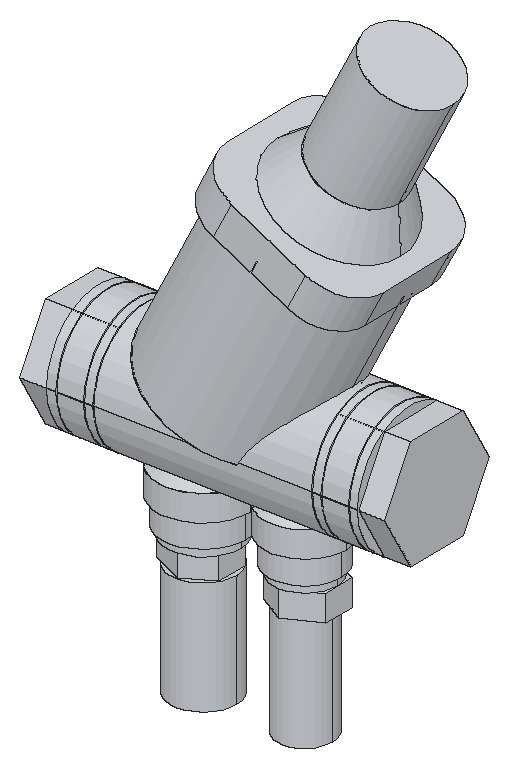
Revit family "Sigma_Compact_DN020_LF_RFA_2019", category Pipe Accessories, Revit 2019
Family settings
  Round Connector Dimension = Use Diameter
  Part Type = Valve - Breaks Into
  Work Plane-Based = No
  Always vertical = Yes
  Cut with Voids When Loaded = No
  Shared = No
Parameters (values of type "Sigma Compact DN 20 LF s měřením")
  magiProductId = "530dd69e715c4b5ea08f3ea7c41338"
  magiProductFamilyId = "899bca4e67ce4698b7af5040674aaa"
  magiPartTypeId = 304
  isMeasuringValve [instance] = no
  ang2D [instance] = 0.00°
  Z6 = 26.1 mm
  Z5 = 60.9 mm
  Z4 = 52.2 mm
  Z3 = 8.7 mm
  Z2 = 43.5 mm
  XR2 = 25 mm
  XR1 = 13 mm
  W2D = 15 mm
  VersionID = "2.0/2018.12.13.2/FRESE_SIGMA_PLUG_Q13_001"
  Use Minimum Symbol Size [instance] = no
  URL = "www.hydronic.cz"
  Type Comments = "závitový; vnitřní závit; PN25; max dp=400kPa; -10~+120°C; max uzavírací tlak 1MPa"
  R4 = 15 mm
  R3 = 10 mm
  R2 = 14 mm
  R1 = 19 mm
  QmdConnectorList = "301;D;302;D"
  Productdata [instance] = ""
  NL__ve = -NL  # -15.8 mm
  NL = 15.8 mm
  Manufacturer = "Hydronic Systems Prague s.r.o."
  MC Use Limits From Balancing Method = no
  MC Throttling Minimum Value = 0
  MC Throttling Maximum Value = 0
  MC Product Code = "53-2202 DN20 FF s měřením; (86-1550 l/h); kvs=4,0"
  MC Pressure Drop Minimum Value = 0.0 Pa
  MC Pressure Drop Maximum Value = 0.0 Pa
  MC Piping Given Pressure Drop [instance] = 0.0 Pa
  M5 = 33.7 mm
  M4 = 31.7 mm
  M3 = 25.7 mm
  M2 = 23.7 mm
  LP = 39.5 mm
  LM = 47.4 mm
  LL__ve = -LL  # -5.7 mm
  LLT__ve = -LLT  # -14.9 mm
  LLT = 14.9 mm
  LLL = 11 mm
  LL3 = 41 mm
  LL2 = 32 mm
  LL = 5.7 mm
  L3 = 11 mm
  L2D_Min = 30.48 mm
  L2D = 65 mm
  Description = "Automatický vyvažovací ventil"
  DR1 = no
  DR0 = yes
  DL2 = 66 mm
  D = 20 mm
  CenSd_R2_6 = R2 * cos(30.00°)  # 12.124 mm
  CAT0 = yes
  C0D1 = no
  C0D0 = yes
Types (3, lengths in mm): name | magiProductId | Z6 | Z5 | Z4 | Z3 | Z2 | R2 | NL__ve | NL | MC Product Code | M5 | M4 | M3 | M2 | LP | LM | LL__ve | LLT__ve | LLT | LLL | LL2 | LL | D | CenSd_R2_6
  Sigma Compact DN 15 LF s měřením | "4a904ca02dcd4d4b8bc93e9b7121ab" | 26.1 | 60.9 | 52.2 | 8.7 | 43.5 | 14 | -15 | 15 | "53-2200 DN15 FF s měřením; (40-900 l/h); kvs=2,6" | 32.5 | 30.5 | 24.5 | 22.5 | 37.5 | 45 | -5.7 | -14.9 | 14.9 | 11 | 32 | 5.7 | 15 | 12.124
  Sigma Compact DN 20 LF s měřením | "530dd69e715c4b5ea08f3ea7c41338" | 26.1 | 60.9 | 52.2 | 8.7 | 43.5 | 14 | -15.8 | 15.8 | "53-2202 DN20 FF s měřením; (86-1550 l/h); kvs=4,0" | 33.7 | 31.7 | 25.7 | 23.7 | 39.5 | 47.4 | -5.7 | -14.9 | 14.9 | 11 | 32 | 5.7 | 20 | 12.124
  Sigma Compact DN 25 LF s měřením | "bcbd50229c6f49259ed1f55c66b3ed" | 27 | 63 | 54 | 9 | 45 | 18 | -16.6 | 16.6 | "53-2208 DN25 FF s měřením; (95-2000 l/h); kvs=3,9" | 34.9 | 32.9 | 26.9 | 24.9 | 41.5 | 49.8 | -5.9 | -16.3 | 16.3 | 9 | 34 | 5.9 | 25 | 15.588
Reference planes
  plane 1 "Center (Front/Back)": y = 0
  plane 2 "XYPLANE": z = 0
  plane 3 "Center (Left/Right)": x = 0
  plane 4 "408": x = 39.5
  plane 5 "407": x = -39.5
  plane 6 "404": z = -35.3
  plane 7 "403": z = -41
  plane 8 "402": z = -66
  plane 9 "213": x = -11
  plane 10 "168": z = -10.9
  plane 11 "167": z = -12.9
  plane 12 "166": z = -18.6
  plane 13 "165": z = -24.3
  plane 14 "164": z = -26.3
  plane 15 "154": z = 0
  plane 16 "152": y = 0
  plane 17 "151": z = -32
  plane 18 "150": x = 11
  plane 19 "75": through (318.218, 0, 679.605) normal (0.891, 0, -0.454)
  plane 20 "74": x = 33.7
  plane 21 "73": x = 31.7
  plane 22 "72": x = 25.7
  plane 23 "71": x = 23.7
  plane 24 "70": x = -33.7
  plane 25 "69": x = -31.7
  plane 26 "68": x = -25.7
  plane 27 "67": y = 0
  plane 28 "66": through (-666.893, 0, 343.166) normal (0.454, 0, 0.891)
  plane 29 "65": x = -23.7
  plane 30 "64": through (335.147, 0, 670.979) normal (0.891, 0, -0.454)
  plane 31 "63": through (-648.506, 0, 379.252) normal (0.454, 0, 0.891)
  plane 32 "62": through (352.076, 0, 662.353) normal (0.891, 0, -0.454)
  plane 33 "61": y = 19
  plane 34 "60": y = -19
  plane 35 "59": through (-644.557, 0, 387.003) normal (0.454, 0, 0.891)
  plane 36 "58": through (-640.607, 0, 394.755) normal (0.454, 0, 0.891)
  plane 37 "56": x = 0
  plane 38 "55": through (-668.255, 0, 340.493) normal (0.454, 0, 0.891)
  plane 39 "102XY": through (-668.255, 0, 340.493) normal (0.454, 0, 0.891)
  plane 40 "102XZ": y = 0
  plane 41 "102YZ": through (340.493, 0, 668.255) normal (0.891, 0, -0.454)
Forms (mm)
  Extrusion 1, solid
    sketch origin (39.5, -750, 0) x (0, 1, 0) y (0, 0, 1)
      loop
        line (764, 0) -> (757, 12.124) -> (743, 12.124) -> (736, 0) -> (743, -12.124) -> (757, -12.124) -> (764, 0)
    from 0 to -15.8 <- "NL__ve"
  Extrusion 2, solid
    sketch origin (-39.5, -750, 0) x (0, 1, 0) y (0, 0, 1)
      loop
        line (736, 0) -> (743, -12.124) -> (757, -12.124) -> (764, 0) -> (757, 12.124) -> (743, 12.124) -> (736, 0)
    from 0 to 15.8 <- "NL"
  Extrusion 3, solid, visible <- "C0D1"
    sketch origin (-750, 0, -66) x (1, 0, 0) y (0, 1, 0)
      loop
        circle (739, 0) r 8.2
    from 0 to 50
  Extrusion 4, solid, visible <- "DR1"
    sketch origin (-750, 0, -35.3) x (1, 0, 0) y (0, 1, 0)
      loop
        line (739, -8) -> (745.928, -4) -> (745.928, 4) -> (739, 8) -> (730.872, 4) -> (730.872, -4) -> (739, -8)
    from 0 to -5.7 <- "LL__ve"
  Extrusion 5, solid, visible <- "DR1"
    sketch origin (-750, 0, -35.3) x (1, 0, 0) y (0, 1, 0)
      loop
        circle (739, 0) r 9.2
    from 0 to 11 <- "LLL"
  Extrusion 6, solid, visible <- "DR1"
    sketch origin (-750, 0, -24.3) x (1, 0, 0) y (0, 1, 0)
      loop
        circle (739, 0) r 10.2
    from 0 to 5.7 <- "LL"
  Extrusion 7, solid, visible <- "DR1"
    sketch origin (-750, 0, -18.6) x (1, 0, 0) y (0, 1, 0)
      loop
        circle (739, 0) r 11.2
    from 0 to 5.7 <- "LL"
  Blend 8, solid, visible <- "DR1"
    base sketch origin (-750, 0, -10.9) x (1, 0, 0) y (0, 1, 0)
      loop
        circle (739, 0) r 8.7
    top sketch origin (-750, 0, -10.9) x (1, 0, 0) y (0, 1, 0)
      loop
        circle (739, 0) r 11.2
    from 0 to -2
  Extrusion 9, solid, visible <- "DR1"
    sketch origin (-750, 0, 0) x (1, 0, 0) y (0, 1, 0)
      loop
        circle (739, 0) r 8.7
    from 0 to -14.9 <- "LLT__ve"
  Extrusion 10, solid, visible <- "C0D0"
    sketch origin (-750, 0, -32) x (1, 0, 0) y (0, 1, 0)
      loop
        circle (739, 0) r 7.2
    from 0 to -25
  Extrusion 11, solid, visible <- "DR0"
    sketch origin (-750, 0, -26.3) x (1, 0, 0) y (0, 1, 0)
      loop
        line (739, -7) -> (745.062, -3.5) -> (745.062, 3.5) -> (739, 7) -> (731.738, 3.5) -> (731.738, -3.5) -> (739, -7)
    from 0 to -5.7 <- "LL__ve"
  Extrusion 12, solid, visible <- "DR0"
    sketch origin (-750, 0, -26.3) x (1, 0, 0) y (0, 1, 0)
      loop
        circle (739, 0) r 8.2
    from 0 to 2
  Extrusion 13, solid, visible <- "DR0"
    sketch origin (-750, 0, -18.6) x (1, 0, 0) y (0, 1, 0)
      loop
        circle (739, 0) r 10.2
    from 0 to 5.7 <- "LL"
  Blend 14, solid, visible <- "DR0"
    base sketch origin (-750, 0, -10.9) x (1, 0, 0) y (0, 1, 0)
      loop
        circle (739, 0) r 7.7
    top sketch origin (-750, 0, -10.9) x (1, 0, 0) y (0, 1, 0)
      loop
        circle (739, 0) r 10.2
    from 0 to -2
  Extrusion 15, solid, visible <- "DR0"
    sketch origin (-750, 0, 0) x (1, 0, 0) y (0, 1, 0)
      loop
        circle (739, 0) r 7.7
    from 0 to -14.9 <- "LLT__ve"
  Extrusion 16, solid, visible <- "DR0"
    sketch origin (-750, 0, 0) x (1, 0, 0) y (0, 1, 0)
      loop
        circle (739, 0) r 7.7
    from 0 to -14.9 <- "LLT__ve"
  Blend 17, solid, visible <- "DR0"
    base sketch origin (-750, 0, -10.9) x (1, 0, 0) y (0, 1, 0)
      loop
        circle (739, 0) r 7.7
    top sketch origin (-750, 0, -10.9) x (1, 0, 0) y (0, 1, 0)
      loop
        circle (739, 0) r 10.2
    from 0 to -2
  Extrusion 18, solid, visible <- "DR0"
    sketch origin (-750, 0, -18.6) x (1, 0, 0) y (0, 1, 0)
      loop
        circle (739, 0) r 10.2
    from 0 to 5.7 <- "LL"
  Extrusion 19, solid, visible <- "DR0"
    sketch origin (-750, 0, -24.3) x (1, 0, 0) y (0, 1, 0)
      loop
        circle (739, 0) r 9.2
    from 0 to 5.7 <- "LL"
  Extrusion 20, solid, visible <- "DR0"
    sketch origin (-750, 0, -26.3) x (1, 0, 0) y (0, 1, 0)
      loop
        circle (739, 0) r 8.2
    from 0 to 2
  Extrusion 21, solid, visible <- "DR0"
    sketch origin (-750, 0, -26.3) x (1, 0, 0) y (0, 1, 0)
      loop
        line (739, -7) -> (745.062, -3.5) -> (745.062, 3.5) -> (739, 7) -> (731.738, 3.5) -> (731.738, -3.5) -> (739, -7)
    from 0 to -5.7 <- "LL__ve"
  Extrusion 22, solid, visible <- "C0D0"
    sketch origin (-750, 0, -32) x (1, 0, 0) y (0, 1, 0)
      loop
        circle (739, 0) r 7.2
    from 0 to -25
  Extrusion 23, solid, visible <- "CAT0"
    sketch origin (-750, 0, -32) x (1, 0, 0) y (0, 1, 0)
      loop
        circle (761, 0) r 6
    from 0 to -25
  Extrusion 24, solid
    sketch origin (-750, 0, -26.3) x (1, 0, 0) y (0, 1, 0)
      loop
        line (761, -7) -> (768.262, -3.5) -> (768.262, 3.5) -> (761, 7) -> (754.938, 3.5) -> (754.938, -3.5) -> (761, -7)
    from 0 to -5.7 <- "LL__ve"
  Extrusion 25, solid
    sketch origin (-750, 0, -26.3) x (1, 0, 0) y (0, 1, 0)
      loop
        circle (761, 0) r 7
    from 0 to 2
  Extrusion 26, solid
    sketch origin (-750, 0, -24.3) x (1, 0, 0) y (0, 1, 0)
      loop
        circle (761, 0) r 8
    from 0 to 5.7 <- "LL"
  Extrusion 27, solid
    sketch origin (-750, 0, -18.6) x (1, 0, 0) y (0, 1, 0)
      loop
        circle (761, 0) r 9
    from 0 to 5.7 <- "LL"
  Blend 28, solid
    base sketch origin (-750, 0, -10.9) x (1, 0, 0) y (0, 1, 0)
      loop
        circle (761, 0) r 6.5
    top sketch origin (-750, 0, -10.9) x (1, 0, 0) y (0, 1, 0)
      loop
        circle (761, 0) r 9
    from 0 to -2
  Extrusion 29, solid
    sketch origin (-750, 0, 0) x (1, 0, 0) y (0, 1, 0)
      loop
        circle (761, 0) r 6.5
    from 0 to -14.9 <- "LLT__ve"
  Blend 30, solid, visible <- "CAT0"
    base sketch origin (31.7, -750, 0) x (0, 1, 0) y (0, 0, 1)
      loop
        circle (750, 0) r 14
    top sketch origin (31.7, -750, 0) x (0, 1, 0) y (0, 0, 1)
      loop
        circle (750, 0) r 14
    from 0 to 2
  Extrusion 31, solid, visible <- "CAT0"
    sketch origin (25.7, -750, 0) x (0, 1, 0) y (0, 0, 1)
      loop
        circle (750, 0) r 14
    from 0 to 6
  Blend 32, solid, visible <- "CAT0"
    base sketch origin (23.7, -750, 0) x (0, 1, 0) y (0, 0, 1)
      loop
        circle (750, 0) r 14
    top sketch origin (23.7, -750, 0) x (0, 1, 0) y (0, 0, 1)
      loop
        circle (750, 0) r 14
    from 0 to 2
  Blend 33, solid, visible <- "CAT0"
    base sketch origin (-31.7, -750, 0) x (0, 1, 0) y (0, 0, 1)
      loop
        circle (750, 0) r 14
    top sketch origin (-31.7, -750, 0) x (0, 1, 0) y (0, 0, 1)
      loop
        circle (750, 0) r 14
    from 0 to -2
  Extrusion 34, solid, visible <- "CAT0"
    sketch origin (-31.7, -750, 0) x (0, 1, 0) y (0, 0, 1)
      loop
        circle (750, 0) r 14
    from 0 to 6
  Blend 35, solid, visible <- "CAT0"
    base sketch origin (-25.7, -750, 0) x (0, 1, 0) y (0, 0, 1)
      loop
        circle (750, 0) r 14
    top sketch origin (-25.7, -750, 0) x (0, 1, 0) y (0, 0, 1)
      loop
        circle (750, 0) r 14
    from 0 to 2
  Extrusion 36, solid, visible <- "CAT0"
    sketch origin (-23.7, -750, 0) x (0, 1, 0) y (0, 0, 1)
      loop
        circle (750, 0) r 14
    from 0 to 47.4 <- "LM"
  Extrusion 37, solid, visible <- "CAT0"
    sketch origin (-666.893, 0, 343.166) x (0.891007, 0, -0.45399) y (0, 1, 0)
      loop
        circle (744, 0) r 19
    from 0 to 43.5 <- "Z2"
  Extrusion 38, solid, visible <- "CAT0"
    sketch origin (-648.506, 0, 379.252) x (0.891007, 0, -0.45399) y (0, 1, 0)
      loop
        arc (735, 19) -> (727.929, 16.071) -> (725, 9) r 10
        line (725, 9) -> (725, -9)
        arc (725, -9) -> (727.929, -16.071) -> (735, -19) r 10
        line (735, -19) -> (753, -19)
        arc (753, -19) -> (760.071, -16.071) -> (763, -9) r 10
        line (763, -9) -> (763, 9)
        arc (763, 9) -> (760.071, 16.071) -> (753, 19) r 10
        line (753, 19) -> (735, 19)
    from 0 to 8.7 <- "Z3"
  Blend 39, solid, visible <- "CAT0"
    base sketch origin (-644.557, 0, 387.003) x (0.891007, 0, -0.45399) y (0, 1, 0)
      loop
        circle (744, 0) r 15
    top sketch origin (-644.557, 0, 387.003) x (0.891007, 0, -0.45399) y (0, 1, 0)
      loop
        circle (744, 0) r 10
    from 0 to 8.7
  Extrusion 40, solid, visible <- "CAT0"
    sketch origin (-640.607, 0, 394.755) x (0.891007, 0, -0.45399) y (0, 1, 0)
      loop
        circle (744, 0) r 10
    from 0 to 26.1 <- "Z6"
  Blend 41, solid, visible <- "CAT0"
    base sketch origin (-668.255, 0, 340.493) x (0.891007, 0, -0.45399) y (0, 1, 0)
      loop
        circle (744, 0) r 15
    top sketch origin (-668.255, 0, 340.493) x (0.891007, 0, -0.45399) y (0, 1, 0)
      loop
        circle (744, 0) r 19
    from 0 to 3
  Extrusion 42, solid, not visible
    sketch origin (-33.7, -750, 0) x (0, 1, 0) y (0, 0, 1)
      loop
        circle (750, 0) r 10
    from 0 to 10
  Extrusion 43, solid, not visible
    sketch origin (33.7, -750, 0) x (0, 1, 0) y (0, 0, 1)
      loop
        circle (750, 0) r 10
    from 0 to -10
Lines and regions (mm)
  reference lines, not visible
    curve 1: circle (2, 2, 0) r 1 normal (0, 0, 1)
  reference lines
    curve 2: line (39.5, 0, 0) -> (39.5, -3.5, 6.062)
    curve 3: line (39.5, 0, 0) -> (39.5, -7, 0)
    curve 4: line (39.5, 0, 0) -> (39.5, -3.5, -6.062)
    curve 5: line (-39.5, 0, 0) -> (-39.5, 3.5, 6.062)
    curve 6: line (-39.5, 0, 0) -> (-39.5, 7, 0)
    curve 7: line (-39.5, 0, 0) -> (-39.5, 3.5, -6.062)
Dimensions and locks
  plane 1 "Center (Front/Back)" to curve 1 = 2 mm
  "LP": plane 37 "56" to plane 4 "408"
  "LP": plane 37 "56" to plane 5 "407"
  "LL": plane 7 "403" to plane 6 "404"
  "LL3": plane 2 "XYPLANE" to plane 7 "403"
  "DL2": plane 2 "XYPLANE" to plane 8 "402"
  "L3": plane 3 "Center (Left/Right)" to plane 9 "213"
  locked: plane 11 "167" to plane 10 "168" at 2
  "LL": plane 12 "166" to plane 11 "167"
  "LL": plane 13 "165" to plane 12 "166"
  locked: plane 14 "164" to plane 13 "165" at 2
  "LL": plane 17 "151" to plane 14 "164"
  locked: plane 2 "XYPLANE" to plane 15 "154"
  locked: plane 1 "Center (Front/Back)" to plane 16 "152"
  "LL2": plane 2 "XYPLANE" to plane 17 "151"
  "L3": plane 3 "Center (Left/Right)" to plane 18 "150"
  "XR2": plane 41 "102YZ" to plane 19 "75"
  "M5": plane 3 "Center (Left/Right)" to plane 20 "74"
  "M4": plane 3 "Center (Left/Right)" to plane 21 "73"
  "M3": plane 3 "Center (Left/Right)" to plane 22 "72"
  "M2": plane 3 "Center (Left/Right)" to plane 23 "71"
  "M5": plane 3 "Center (Left/Right)" to plane 24 "70"
  "M4": plane 3 "Center (Left/Right)" to plane 25 "69"
  "M3": plane 3 "Center (Left/Right)" to plane 26 "68"
  locked: plane 16 "152" to plane 27 "67"
  locked: plane 39 "102XY" to plane 28 "66" at 3
  "M2": plane 3 "Center (Left/Right)" to plane 29 "65"
  locked: plane 41 "102YZ" to plane 30 "64" at 6
  "Z2": plane 39 "102XY" to plane 31 "63"
  "XR1": plane 41 "102YZ" to plane 32 "62"
  "R1": plane 16 "152" to plane 33 "61"
  "R1": plane 16 "152" to plane 34 "60"
  "Z4": plane 39 "102XY" to plane 35 "59"
  "Z5": plane 39 "102XY" to plane 36 "58"
  locked: plane 3 "Center (Left/Right)" to plane 37 "56"
  locked: plane 39 "102XY" to plane 38 "55"
  "CenSd_R2_6": curve 2 to Extrusion 1 sketch curve  (x2)
  "CenSd_R2_6": curve 3 to Extrusion 1 sketch curve  (x2)
  "CenSd_R2_6": curve 4 to Extrusion 1 sketch curve  (x2)
  Extrusion 1 sketch curve to Extrusion 1 sketch curve = 0 mm  (x12)
  "CenSd_R2_6": curve 5 to Extrusion 2 sketch curve  (x2)
  "CenSd_R2_6": curve 6 to Extrusion 2 sketch curve  (x2)
  "CenSd_R2_6": curve 7 to Extrusion 2 sketch curve  (x2)
  Extrusion 2 sketch curve to Extrusion 2 sketch curve = 0 mm  (x12)
  Extrusion 4 sketch curve to Extrusion 4 sketch curve = 0 mm  (x12)
  Extrusion 11 sketch curve to Extrusion 11 sketch curve = 0 mm  (x12)
  Extrusion 21 sketch curve to Extrusion 21 sketch curve = 0 mm  (x12)
  Extrusion 24 sketch curve to Extrusion 24 sketch curve = 0 mm  (x12)
  Extrusion 38 sketch curve to Extrusion 38 sketch curve = 0 mm  (x16)
  "R2": radius of Blend 30 sketch curve  (x2)
  "R2": radius of Extrusion 31 sketch curve
  "R2": radius of Blend 32 sketch curve  (x2)
  "R2": radius of Blend 33 sketch curve  (x2)
  "R2": radius of Extrusion 34 sketch curve
  "R2": radius of Blend 35 sketch curve  (x2)
  "R2": radius of Extrusion 36 sketch curve
  "R1": radius of Extrusion 37 sketch curve
  radius of Extrusion 38 sketch curve = 10 mm  (x4)
  "R3": radius of Blend 39 sketch curve
  "R4": radius of Blend 39 sketch curve
  "R3": radius of Extrusion 40 sketch curve
  "R1": radius of Blend 41 sketch curve
  locked: curve 3 to curve 2 (angle 60.00°)
  locked: curve 4 to curve 3 (angle 60.00°)
  locked: curve 4 to curve 2 (angle 120.00°)
  locked: curve 6 to curve 5 (angle 60.00°)
  locked: curve 7 to curve 6 (angle 60.00°)
  locked: curve 7 to curve 5 (angle 120.00°)
  aligned and locked: level to plane 2 "XYPLANE"
  aligned and locked: plane 15 "154" to curve 4
  aligned and locked: curve 4 to plane 16 "152"
  aligned and locked: plane 15 "154" to curve 7
  aligned and locked: curve 7 to plane 16 "152"
  aligned and locked: plane 9 "213" to Extrusion 3 sketch curve
  aligned and locked: plane 16 "152" to Extrusion 3 sketch curve
  aligned and locked: plane 9 "213" to Extrusion 5 sketch curve
  aligned and locked: plane 16 "152" to Extrusion 5 sketch curve
  aligned and locked: plane 9 "213" to Extrusion 6 sketch curve
  aligned and locked: plane 16 "152" to Extrusion 6 sketch curve
  aligned and locked: plane 9 "213" to Extrusion 7 sketch curve
  aligned and locked: plane 16 "152" to Extrusion 7 sketch curve
  aligned and locked: plane 9 "213" to Blend 8 sketch curve  (x2)
  aligned and locked: plane 16 "152" to Blend 8 sketch curve  (x2)
  aligned and locked: Blend 8 to plane 11 "167"
  aligned and locked: plane 9 "213" to Extrusion 9 sketch curve
  aligned and locked: plane 16 "152" to Extrusion 9 sketch curve
  aligned and locked: plane 9 "213" to Extrusion 10 sketch curve
  aligned and locked: plane 16 "152" to Extrusion 10 sketch curve
  aligned and locked: plane 9 "213" to Extrusion 12 sketch curve
  aligned and locked: plane 16 "152" to Extrusion 12 sketch curve
  aligned and locked: plane 9 "213" to Extrusion 13 sketch curve
  aligned and locked: plane 16 "152" to Extrusion 13 sketch curve
  aligned and locked: plane 9 "213" to Blend 14 sketch curve  (x2)
  aligned and locked: plane 16 "152" to Blend 14 sketch curve  (x2)
  aligned and locked: Blend 14 to plane 11 "167"
  aligned and locked: plane 9 "213" to Extrusion 15 sketch curve
  aligned and locked: plane 16 "152" to Extrusion 15 sketch curve
  aligned and locked: plane 9 "213" to Extrusion 16 sketch curve
  aligned and locked: plane 16 "152" to Extrusion 16 sketch curve
  aligned and locked: plane 9 "213" to Blend 17 sketch curve  (x2)
  aligned and locked: plane 16 "152" to Blend 17 sketch curve  (x2)
  aligned and locked: Blend 17 to plane 11 "167"
  aligned and locked: plane 9 "213" to Extrusion 18 sketch curve
  aligned and locked: plane 16 "152" to Extrusion 18 sketch curve
  aligned and locked: plane 9 "213" to Extrusion 19 sketch curve
  aligned and locked: plane 16 "152" to Extrusion 19 sketch curve
  aligned and locked: plane 9 "213" to Extrusion 20 sketch curve
  aligned and locked: plane 16 "152" to Extrusion 20 sketch curve
  aligned and locked: plane 9 "213" to Extrusion 22 sketch curve
  aligned and locked: plane 16 "152" to Extrusion 22 sketch curve
  aligned and locked: plane 16 "152" to Extrusion 23 sketch curve
  aligned and locked: plane 18 "150" to Extrusion 23 sketch curve
  aligned and locked: plane 16 "152" to Extrusion 25 sketch curve
  aligned and locked: plane 18 "150" to Extrusion 25 sketch curve
  aligned and locked: plane 16 "152" to Extrusion 26 sketch curve
  aligned and locked: plane 18 "150" to Extrusion 26 sketch curve
  aligned and locked: plane 16 "152" to Extrusion 27 sketch curve
  aligned and locked: plane 18 "150" to Extrusion 27 sketch curve
  aligned and locked: plane 16 "152" to Blend 28 sketch curve  (x2)
  aligned and locked: plane 18 "150" to Blend 28 sketch curve  (x2)
  aligned and locked: Blend 28 to plane 11 "167"
  aligned and locked: plane 16 "152" to Extrusion 29 sketch curve
  aligned and locked: plane 18 "150" to Extrusion 29 sketch curve
  aligned and locked: plane 15 "154" to Blend 30 sketch curve  (x2)
  aligned and locked: Blend 30 sketch curve to plane 16 "152"  (x2)
  aligned and locked: plane 20 "74" to Blend 30
  aligned and locked: plane 15 "154" to Extrusion 31 sketch curve
  aligned and locked: Extrusion 31 sketch curve to plane 16 "152"
  aligned and locked: plane 15 "154" to Blend 32 sketch curve  (x2)
  aligned and locked: Blend 32 sketch curve to plane 16 "152"  (x2)
  aligned and locked: plane 22 "72" to Blend 32
  aligned and locked: plane 15 "154" to Blend 33 sketch curve  (x2)
  aligned and locked: Blend 33 sketch curve to plane 16 "152"  (x2)
  aligned and locked: Blend 33 to plane 24 "70"
  aligned and locked: plane 15 "154" to Extrusion 34 sketch curve
  aligned and locked: Extrusion 34 sketch curve to plane 16 "152"
  aligned and locked: plane 15 "154" to Blend 35 sketch curve  (x2)
  aligned and locked: Blend 35 sketch curve to plane 16 "152"  (x2)
  aligned and locked: plane 29 "65" to Blend 35
  aligned and locked: plane 15 "154" to Extrusion 36 sketch curve
  aligned and locked: Extrusion 36 sketch curve to plane 16 "152"
  aligned and locked: plane 27 "67" to Extrusion 37 sketch curve
  aligned and locked: Extrusion 37 sketch curve to plane 30 "64"
  aligned and locked: Extrusion 38 sketch curve to plane 19 "75"
  aligned and locked: Extrusion 38 sketch curve to plane 34 "60"
  aligned and locked: Extrusion 38 sketch curve to plane 32 "62"
  aligned and locked: plane 33 "61" to Extrusion 38 sketch curve
  aligned and locked: plane 27 "67" to Blend 39 sketch curve  (x2)
  aligned and locked: Blend 39 sketch curve to plane 30 "64"  (x2)
  aligned and locked: plane 36 "58" to Blend 39
  aligned and locked: plane 27 "67" to Extrusion 40 sketch curve
  aligned and locked: Extrusion 40 sketch curve to plane 30 "64"
  aligned and locked: plane 27 "67" to Blend 41 sketch curve  (x2)
  aligned and locked: Blend 41 sketch curve to plane 30 "64"  (x2)
  aligned and locked: plane 28 "66" to Blend 41
  aligned and locked: plane 15 "154" to Extrusion 42 sketch curve
  aligned and locked: Extrusion 42 sketch curve to plane 16 "152"
  aligned and locked: plane 15 "154" to Extrusion 43 sketch curve
  aligned and locked: Extrusion 43 sketch curve to plane 16 "152"
Automatic sketch dimensions
  plane 29 "65" to Extrusion 3 sketch curve = 4.5 mm
  Extrusion 4 sketch curve to plane 9 "213" = 0 mm  (x2)
  plane 29 "65" to Extrusion 4 sketch curve = 4.572 mm
  Extrusion 4 sketch curve to plane 3 "Center (Left/Right)" = 4.072 mm
  plane 1 "Center (Front/Back)" to Extrusion 4 sketch curve = 8 mm
  plane 1 "Center (Front/Back)" to Extrusion 4 sketch curve = 4 mm  (x2)
  Extrusion 4 sketch curve to plane 1 "Center (Front/Back)" = 4 mm  (x2)
  Extrusion 4 sketch curve to Extrusion 4 sketch curve = 4 mm
  plane 29 "65" to Extrusion 5 sketch curve = 3.5 mm
  plane 29 "65" to Extrusion 6 sketch curve = 2.5 mm
  plane 29 "65" to Extrusion 7 sketch curve = 1.5 mm
  plane 29 "65" to Blend 8 sketch curve = 4 mm
  plane 29 "65" to Blend 8 sketch curve = 1.5 mm
  plane 29 "65" to Extrusion 9 sketch curve = 4 mm
  plane 29 "65" to Extrusion 10 sketch curve = 5.5 mm
  Extrusion 11 sketch curve to plane 9 "213" = 0 mm  (x2)
  plane 29 "65" to Extrusion 11 sketch curve = 5.438 mm
  Extrusion 11 sketch curve to plane 3 "Center (Left/Right)" = 4.938 mm
  plane 1 "Center (Front/Back)" to Extrusion 11 sketch curve = 7 mm
  plane 1 "Center (Front/Back)" to Extrusion 11 sketch curve = 3.5 mm  (x2)
  Extrusion 11 sketch curve to plane 1 "Center (Front/Back)" = 3.5 mm  (x2)
  Extrusion 11 sketch curve to Extrusion 11 sketch curve = 3.5 mm
  plane 29 "65" to Extrusion 12 sketch curve = 4.5 mm
  plane 29 "65" to Extrusion 13 sketch curve = 2.5 mm
  plane 29 "65" to Blend 14 sketch curve = 5 mm
  plane 29 "65" to Blend 14 sketch curve = 2.5 mm
  plane 29 "65" to Extrusion 15 sketch curve = 5 mm
  plane 29 "65" to Extrusion 16 sketch curve = 5 mm
  plane 29 "65" to Blend 17 sketch curve = 5 mm
  plane 29 "65" to Blend 17 sketch curve = 2.5 mm
  plane 29 "65" to Extrusion 18 sketch curve = 2.5 mm
  plane 29 "65" to Extrusion 19 sketch curve = 3.5 mm
  plane 29 "65" to Extrusion 20 sketch curve = 4.5 mm
  Extrusion 21 sketch curve to plane 9 "213" = 0 mm  (x2)
  plane 29 "65" to Extrusion 21 sketch curve = 5.438 mm
  Extrusion 21 sketch curve to plane 3 "Center (Left/Right)" = 4.938 mm
  plane 1 "Center (Front/Back)" to Extrusion 21 sketch curve = 7 mm
  plane 1 "Center (Front/Back)" to Extrusion 21 sketch curve = 3.5 mm  (x2)
  Extrusion 21 sketch curve to plane 1 "Center (Front/Back)" = 3.5 mm  (x2)
  Extrusion 21 sketch curve to Extrusion 21 sketch curve = 3.5 mm
  plane 29 "65" to Extrusion 22 sketch curve = 5.5 mm
  plane 3 "Center (Left/Right)" to Extrusion 23 sketch curve = 5 mm
  Extrusion 24 sketch curve to plane 18 "150" = 0 mm  (x2)
  plane 3 "Center (Left/Right)" to Extrusion 24 sketch curve = 4.938 mm
  Extrusion 24 sketch curve to plane 23 "71" = 5.438 mm
  plane 1 "Center (Front/Back)" to Extrusion 24 sketch curve = 7 mm
  plane 1 "Center (Front/Back)" to Extrusion 24 sketch curve = 3.5 mm  (x2)
  Extrusion 24 sketch curve to plane 1 "Center (Front/Back)" = 3.5 mm  (x2)
  Extrusion 24 sketch curve to Extrusion 24 sketch curve = 3.5 mm
  plane 3 "Center (Left/Right)" to Extrusion 25 sketch curve = 4 mm
  plane 3 "Center (Left/Right)" to Extrusion 26 sketch curve = 3 mm
  plane 3 "Center (Left/Right)" to Extrusion 27 sketch curve = 2 mm
  plane 3 "Center (Left/Right)" to Blend 28 sketch curve = 4.5 mm
  plane 3 "Center (Left/Right)" to Blend 28 sketch curve = 2 mm
  plane 3 "Center (Left/Right)" to Extrusion 29 sketch curve = 4.5 mm
  plane 19 "75" to Blend 41 sketch curve = 4 mm
  plane 34 "60" to Extrusion 42 sketch curve = 9 mm
  plane 34 "60" to Extrusion 43 sketch curve = 9 mm
  plane 3 "Center (Left/Right)" to curve 1 = 2 mm
  radius of curve 1 = 1 mm
Connectors
  piping at (-33.7, 0, 0), diameter 20, driven by "D"
    settings: on Extrusion 42, index 1, connector inside diameter 609.6 mm, connector length 0 mm, flow factor 0, pipe flow 0.0 L/s, pressure drop 0.0 Pa, fitting loss kfactor 0, connector angle 0.00°, fixture units 0, engagement length 0 mm, angle of deflection 0.00°, flow configuration 0, flow direction 0, fitting loss method 0, system type 29, joint type 0, gender type 0, connector reference index 2, connector utility 0, adjustable connector no, is connector primary yes, connector description ""
  piping at (33.7, 0, 0), diameter 20, driven by "D"
    settings: on Extrusion 43, index 2, connector inside diameter 609.6 mm, connector length 0 mm, flow factor 0, pipe flow 0.0 L/s, pressure drop 0.0 Pa, fitting loss kfactor 0, connector angle 0.00°, fixture units 0, engagement length 0 mm, angle of deflection 0.00°, flow configuration 0, flow direction 0, fitting loss method 0, system type 29, joint type 0, gender type 0, connector reference index 1, connector utility 0, adjustable connector no, is connector primary no, connector description ""
